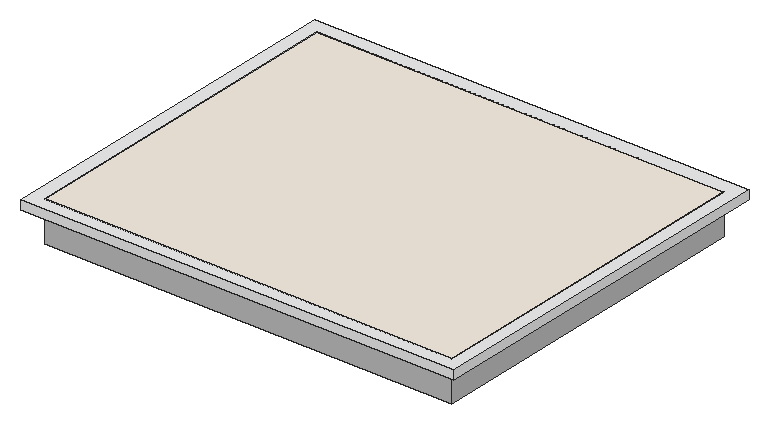
Revit family "Lighting-Industrial-GEWISS-ELIA-HL-LED_HIGHBAY", category Apparecchi per illuminazione, host Superficie, Revit 2019 (continued)
Types (12, lengths in mm): name | Weight (kg): | Weight (kg) | Voltage | Technical sheet | System power | Optic | built-in parameter 1150142 | Lumen output (lm) | Model | IDT | File diagramma fotometrico | Description
    40.11 13494.38 \r\n13445.96 13390.82 13332.98 13269.77 13201.17 13127.20 \r\n13046.50 12959.07 12864.92 12761.36 12651.07 12531.36 \r\n12402.24 12263.71 12114.41 11957.05 11790.27 11615.42 \r\n11428.46 11232.09 11023.62 10801.69 10562.28 10298.66 \r\n10021.59 9747.21 9471.49 9193.07 8917.35 8647.00 8382.04 \r\n8118.42 7862.87 7616.73 7381.36 7156.74 6938.85 6727.69 \r\n6520.56 6317.46 6119.75 5935.48 5757.94 5585.78 5416.31 \r\n5246.85 5077.38 4917.32 4761.30 4609.31 4461.36 4316.10 \r\n4177.57 4040.38 3909.91 3783.49 3659.74 3537.35 3414.95 \r\n3295.25 3178.24 3057.18 2937.48 2823.15 2711.52 2602.31 \r\n2494.97 2388.99 2286.37 2188.72 2096.72 2011.85 1932.50 \r\n1858.79 1788.98 1722.27 1657.85 1595.04 1533.03 1469.55 \r\n1406.60 1345.40 1285.42 1226.24 1168.40 1112.58 1059.05 \r\n1008.88 960.87 913.39 867.39 823.01 781.31 744.59 710.03 \r\n675.86 642.24 607.00 572.30 540.82 510.29 480.03 450.98 \r\n423.54 397.72 374.58 353.33 333.16 313.38 292.40 271.42 \r\n250.95 231.00 211.57 192.95 175.58 159.14 143.54 128.62 \r\n114.16 100.22 86.62 73.72 61.79 50.71 40.31 30.83 22.30 \r\n15.17 9.94 6.44 4.68 4.67 \r\n13471.52 13472.86 13474.21 13478.24 13482.28 13487.66 \r\n13494.38 13502.45 13510.52 13519.94 13532.04 13542.80 \r\n13554.91 13568.36 13581.81 13596.60 13611.40 13627.54 \r\n13642.33 13658.47 13674.61 13690.75 13705.55 13721.69 \r\n13736.48 13749.93 13763.38 13774.14 13784.90 13794.32 \r\n13801.04 13806.42 13807.77 13809.11 13807.77 13803.73 \r\n13797.01 13788.94 13775.49 13759.35 13739.17 13714.96 \r\n13689.41 13657.13 13623.50 13585.84 13545.49 13499.76 \r\n13450.00 13397.54 13339.71 13276.49 13207.90 13135.27 \r\n13054.57 12968.49 12874.34 12772.12 12661.83 12543.47 \r\n12415.69 12277.16 12129.21 11973.19 11807.75 11634.25 \r\n11448.64 11252.27 11043.79 10823.21 10583.80 10318.84 \r\n10041.77 9764.70 9487.63 9209.21 8934.83 8665.83 8400.87 \r\n8133.21 7873.63 7626.15 7388.08 7159.43 6940.20 6727.69 \r\n6519.21 6314.77 6118.40 5934.14 5757.94 5585.78 5416.31 \r\n5245.50 5078.72 4917.32 4761.30 4609.31 4462.71 4318.80 \r\n4177.57 4041.72 3909.91 3784.83 3662.43 3538.70 3416.30 \r\n3296.59 3176.89 3057.18 2936.14 2821.81 2711.52 2601.77 \r\n2494.44 2388.05 2284.89 2186.70 2094.16 2008.49 1928.73 \r\n1854.49 1784.55 1717.70 1653.27 1590.46 1528.46 1465.24 \r\n1402.30 1340.96 1280.98 1221.93 1164.23 1108.28 1054.48 \r\n1004.58 956.70 909.62 864.03 819.64 777.81 740.96 706.66 \r\n672.90 639.28 604.17 569.74 538.27 508.14 478.28 449.36 \r\n422.06 396.51 373.24 351.58 331.41 311.64 290.79 269.94 \r\n249.97 230.41 211.15 192.60 175.24 158.82 143.30 128.46 \r\n114.04 100.14 86.60 73.77 61.88 50.77 40.34 30.80 22.28 \r\n15.15 9.93 6.44 4.69 4.67 \r\n13471.52 13472.86 13474.21 13478.24 13482.28 13486.31 \r\n13494.38 13501.11 13510.52 13521.28 13530.70 13541.46 \r\n13554.91 13567.01 13581.81 13595.26 13611.40 13626.19 \r\n13640.99 13657.13 13673.27 13688.06 13705.55 13720.34 \r\n13736.48 13749.93 13762.04 13774.14 13784.90 13792.97 \r\n13801.04 13806.42 13809.11 13809.11 13809.11 13805.08 \r\n13798.35 13788.94 13778.18 13762.04 13741.86 13719.00 \r\n13693.44 13661.16 13627.54 13591.22 13549.53 13505.14 \r\n13456.72 13404.27 13346.43 13284.56 13217.31 13143.34 \r\n13065.33 12977.90 12883.75 12782.88 12672.59 12555.57 \r\n12429.14 12291.95 12144.00 11990.67 11826.58 11653.08 \r\n11468.81 11273.79 11065.31 10846.08 10608.01 10343.05 \r\n10064.63 9786.22 9505.11 9226.70 8952.32 8684.66 8419.70 \r\n8149.35 7885.73 7635.56 7394.81 7163.47 6941.54 6726.34 \r\n6517.87 6313.43 6117.06 5934.14 5757.94 5585.78 5416.31 \r\n5245.50 5078.72 4917.32 4759.95 4609.31 4462.71 4320.14 \r\n4178.91 4041.72 3909.91 3784.83 3661.09 3538.70 3416.30 \r\n3296.59 3178.24 3055.84 2934.79 2820.46 2710.17 2600.15 \r\n2492.96 2386.30 2282.60 2184.01 2090.80 2004.45 1924.02 \r\n1849.51 1779.43 1712.45 1648.03 1585.35 1523.35 1460.27 \r\n1397.45 1336.26 1276.00 1217.22 1159.79 1103.57 1049.64 \r\n999.74 952.13 905.59 860.40 816.01 774.18 737.60 703.30 \r\n669.81 636.32 601.22 566.78 535.58 505.85 476.26 447.75 \r\n420.58 395.16 371.62 349.70 329.52 309.89 289.18 268.68 \r\n249.07 229.87 210.76 192.29 174.96 158.55 143.09 128.33 \r\n113.93 100.03 86.58 73.77 61.91 50.83 40.35 30.77 22.24 \r\n15.13 9.91 6.44 4.69 4.67 \r\n13471.52 13472.86 13475.55 13478.24 13482.28 13487.66 \r\n13493.04 13501.11 13510.52 13519.94 13530.70 13541.46 \r\n13553.56 13567.01 13580.46 13593.91 13610.05 13626.19 \r\n13640.99 13657.13 13673.27 13688.06 13704.20 13719.00 \r\n13733.79 13748.59 13760.69 13772.80 13783.56 13792.97 \r\n13801.04 13805.08 13809.11 13810.46 13810.46 13805.08 \r\n13799.70 13791.63 13780.87 13764.73 13745.90 13723.03 \r\n13696.13 13666.54 13634.26 13595.26 13556.25 13511.87 \r\n13464.79 13412.34 13355.85 13292.63 13225.38 13152.75 \r\n13074.74 12988.66 12894.51 12794.98 12687.38 12570.37 \r\n12443.94 12308.09 12162.83 12008.16 11845.41 11673.25 \r\n11490.33 11295.31 11089.52 10870.29 10633.57 10368.60 \r\n10090.19 9809.08 9526.63 9246.87 8971.15 8704.84 8437.18 \r\n8165.49 7899.18 7644.98 7401.53 7168.85 6944.23 6726.34 \r\n6517.87 6313.43 6118.40 5935.48 5757.94 5585.78 5414.97 \r\n5245.50 5078.72 4915.97 4759.95 4609.31 4462.71 4318.80 \r\n4178.91 4041.72 3908.57 3782.14 3659.74 3537.35 3414.95 \r\n3295.25 3175.54 3053.15 2932.10 2819.12 2707.08 2597.60 \r\n2490.40 2383.61 2279.78 2180.65 2086.77 1999.88 1918.91 \r\n1843.99 1773.79 1706.81 1642.51 1579.97 1518.10 1455.16 \r\n1392.75 1331.28 1271.02 1212.25 1155.09 1098.73 1044.66 \r\n994.90 947.42 901.28 856.63 812.38 770.68 734.10 699.94 \r\n666.45 633.23 598.12 564.09 532.89 503.43 474.25 446.00 \r\n419.10 393.68 370.14 348.09 327.78 308.27 287.83 267.56 \r\n248.26 229.36 210.41 192.01 174.72 158.32 142.91 128.18 \r\n113.80 99.91 86.48 73.76 61.92 50.84 40.32 30.72 22.19 \r\n15.09 9.90 6.44 4.69 4.66 \r\n13471.52 13472.86 13475.55 13478.24 13482.28 13487.66 \r\n13493.04 13501.11 13510.52 13519.94 13529.35 13540.11 \r\n13553.56 13567.01 13580.46 13593.91 13608.71 13624.85 \r\n13640.99 13655.78 13671.92 13686.72 13702.86 13717.65 \r\n13733.79 13748.59 13760.69 13772.80 13783.56 13794.32 \r\n13801.04 13806.42 13810.46 13811.80 13811.80 13809.11 \r\n13803.73 13794.32 13782.21 13768.76 13749.93 13728.41 \r\n13701.51 13671.92 13639.64 13603.33 13562.98 13519.94 \r\n13472.86 13421.75 13363.92 13303.39 13237.49 13166.20 \r\n13088.19 13002.11 12909.31 12811.12 12703.52 12587.85 \r\n12462.77 12326.92 12181.66 12029.68 11868.28 11696.12 \r\n11513.20 11319.52 11115.08 10897.19 10661.81 10399.54 \r\n10121.12 9837.33 9553.53 9271.08 8994.01 8722.32 8451.98 \r\n8178.94 7911.29 7657.08 7412.29 7176.92 6949.61 6733.07 \r\n6521.90 6318.81 6123.78 5939.52 5759.29 5584.44 5412.28 \r\n5242.81 5076.03 4913.28 4754.57 4605.28 4457.33 4313.41 \r\n4173.53 4035.00 3901.85 3775.41 3651.67 3527.93 3406.88 \r\n3285.84 3167.47 3046.42 2925.38 2811.05 2700.22 2591.81 \r\n2485.29 2379.57 2276.41 2176.88 2082.33 1994.90 1913.67 \r\n1838.75 1768.67 1701.96 1637.94 1575.94 1514.47 1451.79 \r\n1389.52 1328.32 1268.47 1209.56 1152.13 1095.91 1042.24 \r\n992.21 944.59 898.46 854.07 810.09 768.67 731.95 697.52 \r\n664.03 630.67 595.83 562.08 531.14 501.68 472.50 444.66 \r\n417.89 392.47 369.07 347.01 326.97 307.33 287.43 267.45 \r\n248.10 229.08 210.14 191.82 174.61 158.29 142.85 128.06 \r\n113.63 99.69 86.25 73.52 61.68 50.59 40.12 30.59 22.07 \r\n14.99 9.86 6.45 4.71 4.65 \r\n13471.52 13472.86 13475.55 13478.24 13482.28 13487.66 \r\n13493.04 13501.11 13509.18 13519.94 13529.35 13540.11 \r\n13553.56 13565.67 13579.12 13592.57 13608.71 13623.50 \r\n13639.64 13655.78 13671.92 13686.72 13701.51 13717.65 \r\n13732.45 13747.24 13760.69 13771.45 13782.21 13792.97 \r\n13801.04 13807.77 13811.80 13814.49 13813.15 13810.46 \r\n13805.08 13797.01 13786.25 13772.80 13753.97 13732.45 \r\n13706.89 13678.65 13646.37 13610.05 13571.05 13528.01 \r\n13480.93 13429.82 13374.68 13314.15 13248.25 13178.31 \r\n13100.30 13016.91 12925.45 12827.26 12721.01 12605.34 \r\n12481.60 12347.10 12204.53 12051.20 11889.80 11717.64 \r\n11537.41 11343.73 11140.63 10925.43 10692.75 10431.82 \r\n10154.75 9869.61 9581.78 9297.98 9015.53 8739.81 8466.77 \r\n8192.39 7924.74 7670.53 7423.05 7184.99 6956.34 6738.45 \r\n6528.63 6325.53 6130.51 5943.55 5761.98 5584.44 5409.59 \r\n5240.12 5071.99 4909.25 4751.89 4599.90 4451.95 4306.69 \r\n4165.46 4028.27 3895.12 3766.00 3642.26 3518.52 3397.47 \r\n3276.42 3158.06 3038.36 2918.65 2802.98 2693.50 2584.96 \r\n2479.24 2374.73 2272.38 2172.58 2077.49 1989.79 1908.29 \r\n1833.50 1763.43 1697.12 1633.50 1571.77 1510.70 1448.30 \r\n1386.29 1325.63 1266.05 1206.87 1149.17 1093.48 1040.09 \r\n989.79 941.77 895.77 851.52 808.08 766.92 729.93 695.23 \r\n661.47 628.12 593.68 560.06 529.26 499.94 471.02 443.18 \r\n416.68 391.53 368.13 346.20 326.03 306.66 287.02 267.51 \r\n248.03 228.81 209.89 191.64 174.53 158.27 142.79 127.92 \r\n113.44 99.46 86.00 73.22 61.37 50.30 39.89 30.41 21.94 \r\n14.89 9.82 6.46 4.72 4.65 \r\n13471.52 13472.86 13475.55 13478.24 13482.28 13487.66 \r\n13493.04 13501.11 13509.18 13518.59 13529.35 13540.11 \r\n13552.22 13565.67 13579.12 13592.57 13607.36 13623.50 \r\n13639.64 13654.44 13670.58 13685.37 13701.51 13716.31 \r\n13731.10 13745.90 13759.35 13771.45 13782.21 13792.97 \r\n13801.04 13807.77 13814.49 13815.84 13815.84 13813.15 \r\n13809.11 13801.04 13790.28 13774.14 13758.00 13736.48 \r\n13710.93 13684.03 13653.09 13618.12 13579.12 13536.08 \r\n13491.69 13440.58 13385.44 13326.26 13261.70 13191.76 \r\n13113.75 13031.70 12941.59 12844.75 12738.49 12625.51 \r\n12501.77 12368.62 12226.05 12075.41 11914.01 11741.85 \r\n11560.27 11370.63 11168.88 10955.02 10722.34 10465.44 \r\n10189.72 9903.23 9611.37 9324.88 9039.74 8758.64 8480.22 \r\n8207.19 7939.53 7683.98 7436.50 7195.75 6963.06 6745.17 \r\n6536.70 6333.60 6137.23 5948.93 5763.32 5584.44 5408.24 \r\n5236.09 5069.30 4905.21 4746.50 4593.18 4445.22 4299.96 \r\n4158.74 4021.55 3887.05 3756.59 3631.50 3507.76 3385.36 \r\n3267.01 3148.64 3027.59 2910.58 2796.26 2685.29 2577.83 \r\n2472.78 2369.35 2267.94 2168.01 2072.38 1984.41 1902.77 \r\n1827.99 1758.18 1692.14 1628.93 1567.60 1507.07 1444.93 \r\n1383.06 1322.94 1263.63 1204.31 1146.48 1090.93 1037.94 \r\n987.36 939.21 893.21 849.10 806.06 765.30 728.18 693.21 \r\n659.18 625.69 591.53 558.31 527.64 498.32 469.54 441.70 \r\n415.34 390.45 367.19 345.40 325.22 306.12 286.89 267.64 \r\n248.02 228.56 209.65 191.49 174.47 158.28 142.73 127.77 \r\n113.22 99.21 85.72 72.91 61.05 49.98 39.65 30.25 21.80 \r\n14.79 9.78 6.47 4.75 4.64 \r\n13471.52 13472.86 13475.55 13478.24 13482.28 13487.66 \r\n13493.04 13501.11 13509.18 13518.59 13529.35 13540.11 \r\n13552.22 13565.67 13579.12 13592.57 13606.02 13623.50 \r\n13638.30 13654.44 13670.58 13685.37 13700.17 13716.31 \r\n13731.10 13744.55 13759.35 13770.11 13782.21 13792.97 \r\n13801.04 13809.11 13814.49 13818.53 13818.53 13815.84 \r\n13810.46 13802.39 13791.63 13778.18 13762.04 13741.86 \r\n13717.65 13690.75 13658.47 13624.85 13587.19 13545.49 \r\n13499.76 13451.34 13396.20 13337.02 13273.80 13203.86 \r\n13128.54 13046.50 12957.73 12860.89 12757.32 12644.34 \r\n12521.95 12391.48 12248.91 12099.62 11938.22 11767.40 \r\n11587.17 11396.18 11194.43 10983.27 10754.62 10499.07 \r\n10224.69 9936.86 9642.30 9353.13 9065.30 8777.47 8497.71 \r\n8221.98 7954.33 7697.43 7447.26 7205.16 6971.13 6753.24 \r\n6543.42 6341.67 6146.65 5954.31 5766.01 5583.10 5405.55 \r\n5233.40 5065.27 4901.18 4741.13 4587.80 4438.50 4291.90 \r\n4150.67 4013.48 3878.98 3748.51 3620.74 3495.65 3374.61 \r\n3256.24 3137.88 3019.52 2901.16 2788.18 2677.22 2570.29 \r\n2465.92 2363.70 2263.10 2163.03 2067.13 1979.03 1897.39 \r\n1822.61 1752.94 1687.17 1624.49 1563.56 1503.44 1441.57 \r\n1379.84 1320.25 1261.21 1201.76 1143.52 1088.51 1035.92 \r\n985.21 936.66 890.66 846.54 804.04 763.83 726.57 691.20 \r\n656.90 623.41 589.51 556.70 526.03 496.84 468.06 440.22 \r\n414.13 389.51 366.38 344.72 324.68 305.58 286.75 267.83 \r\n247.99 228.26 209.39 191.31 174.42 158.28 142.68 127.63 \r\n113.02 98.95 85.42 72.59 60.70 49.66 39.38 30.07 21.67 \r\n14.70 9.75 6.49 4.77 4.63 \r\n13471.52 13472.86 13475.55 13478.24 13482.28 13487.66 \r\n13493.04 13501.11 13509.18 13518.59 13529.35 13540.11 \r\n13552.22 13565.67 13579.12 13592.57 13606.02 13620.81 \r\n13638.30 13654.44 13669.23 13685.37 13700.17 13714.96 \r\n13729.76 13744.55 13758.00 13770.11 13782.21 13792.97 \r\n13801.04 13810.46 13815.84 13819.87 13819.87 13818.53 \r\n13813.15 13806.42 13795.66 13782.21 13764.73 13745.90 \r\n13723.03 13696.13 13665.20 13632.92 13595.26 13553.56 \r\n13510.52 13459.41 13406.96 13350.47 13285.91 13217.31 \r\n13141.99 13062.64 12975.21 12879.72 12776.15 12664.52 \r\n12542.12 12413.00 12271.78 12122.48 11962.43 11791.61 \r\n11611.38 11423.08 11224.02 11012.86 10785.55 10532.69 \r\n10261.00 9971.83 9674.58 9381.37 9089.51 8798.99 8512.50 \r\n8236.78 7969.12 7710.88 7460.71 7214.58 6979.20 6761.31 \r\n6552.84 6349.74 6153.38 5958.35 5768.70 5583.10 5404.21 \r\n5230.70 5061.23 4897.15 4735.74 4581.07 4430.43 4283.82 \r\n4141.25 4005.41 3870.91 3737.75 3608.63 3484.89 3363.84 \r\n3244.14 3128.47 3010.11 2893.09 2780.11 2669.56 2562.76 \r\n2458.93 2357.65 2257.99 2157.92 2062.02 1973.79 1892.01 \r\n1817.36 1747.96 1682.46 1619.92 1559.53 1499.67 1438.07 \r\n1376.74 1317.29 1258.65 1198.93 1140.56 1086.09 1034.04 \r\n983.06 934.24 888.10 844.26 802.29 762.35 725.09 689.31 \r\n654.75 621.26 587.63 555.22 524.82 495.50 466.72 439.01 \r\n413.05 388.57 365.57 344.05 324.01 305.05 286.62 267.95 \r\n247.92 227.94 209.09 191.14 174.33 158.25 142.58 127.44 \r\n112.79 98.68 85.11 72.27 60.35 49.33 39.14 29.91 21.56 \r\n14.61 9.73 6.52 4.80 4.63 \r\n13471.52 13472.86 13475.55 13478.24 13482.28 13487.66 \r\n13493.04 13501.11 13509.18 13518.59 13528.01 13538.77 \r\n13552.22 13564.32 13577.77 13591.22 13604.67 13620.81 \r\n13635.61 13653.09 13669.23 13684.03 13698.82 13714.96 \r\n13728.41 13743.21 13756.66 13770.11 13780.87 13792.97 \r\n13802.39 13810.46 13817.18 13819.87 13822.56 13821.22 \r\n13815.84 13809.11 13798.35 13784.90 13770.11 13751.28 \r\n13727.07 13701.51 13671.92 13639.64 13601.98 13561.63 \r\n13518.59 13470.17 13417.72 13361.23 13299.36 13230.76 \r\n13156.79 13077.43 12991.35 12897.20 12794.98 12684.69 \r\n12563.64 12434.52 12295.99 12145.35 11986.64 11815.82 \r\n11636.94 11449.98 11250.92 11041.10 10817.83 10566.32 \r\n10297.32 10006.80 9708.21 9410.96 9115.06 8820.51 8531.33 \r\n8254.26 7986.61 7725.68 7472.82 7225.34 6988.62 6769.38 \r\n6560.91 6357.81 6160.10 5963.73 5772.74 5584.44 5402.86 \r\n5226.67 5057.20 4891.76 4731.71 4575.69 4422.36 4275.75 \r\n4133.18 3995.99 3862.84 3728.34 3599.22 3474.13 3351.74 \r\n3234.72 3119.05 3002.04 2886.37 2773.39 2662.43 2555.63 \r\n2452.07 2351.33 2252.47 2152.81 2056.64 1968.54 1886.90 \r\n1812.39 1743.12 1677.75 1615.48 1555.36 1495.91 1434.44 \r\n1373.24 1314.33 1255.96 1196.11 1137.74 1083.94 1032.29 \r\n981.18 931.82 885.68 841.84 800.41 761.14 723.48 687.56 \r\n652.86 619.10 585.88 553.74 523.47 494.42 465.37 437.66 \r\n411.84 387.76 364.90 343.51 323.61 304.78 286.49 268.05 \r\n247.76 227.55 208.77 190.95 174.22 158.19 142.48 127.24 \r\n112.55 98.43 84.82 71.97 60.04 49.03 38.91 29.76 21.46 \r\n14.55 9.72 6.55 4.83 4.63 \r\n13471.52 13472.86 13475.55 13478.24 13482.28 13487.66 \r\n13493.04 13501.11 13509.18 13518.59 13528.01 13538.77 \r\n13550.87 13562.98 13577.77 13591.22 13604.67 13619.47 \r\n13635.61 13651.75 13667.89 13682.68 13698.82 13713.62 \r\n13727.07 13741.86 13755.31 13768.76 13780.87 13791.63 \r\n13802.39 13810.46 13817.18 13821.22 13822.56 13822.56 \r\n13818.53 13811.80 13801.04 13788.94 13772.80 13753.97 \r\n13732.45 13706.89 13678.65 13646.37 13610.05 13571.05 \r\n13526.66 13478.24 13425.79 13370.64 13308.77 13241.52 \r\n13168.89 13090.88 13006.15 12913.34 12811.12 12702.18 \r\n12582.47 12454.70 12317.51 12168.21 12009.50 11841.38 \r\n11661.15 11475.54 11277.82 11070.69 10846.08 10598.60 \r\n10329.60 10039.08 9737.80 9440.55 9144.65 8848.75 8555.54 \r\n8274.44 8002.75 7740.47 7486.27 7236.10 6996.69 6774.76 \r\n6564.94 6361.85 6164.14 5969.11 5778.12 5588.47 5404.21 \r\n5225.32 5054.51 4889.07 4727.68 4570.31 4416.98 4269.03 \r\n4125.11 3987.92 3854.77 3721.61 3591.15 3466.06 3345.01 \r\n3229.34 3112.33 2998.01 2882.34 2769.36 2658.53 2550.79 \r\n2445.88 2344.60 2245.48 2146.62 2051.80 1964.24 1882.60 \r\n1808.08 1738.82 1673.45 1611.18 1550.78 1491.34 1430.00 \r\n1369.08 1310.30 1251.93 1192.21 1134.10 1080.98 1030.14 \r\n978.76 929.26 882.86 839.01 798.26 759.39 722.13 686.08 \r\n651.11 617.35 584.40 552.79 522.67 493.48 464.16 43
